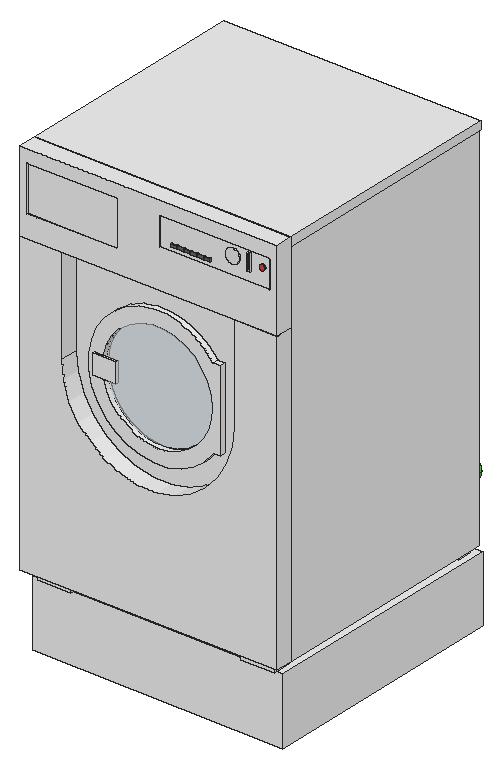
Revit family
Parameters (values of type "Washer_PW_6161_Miele")
  Warranty Duration (Years) = 0
  Voltage_MEP = 230 V
  URL = "http://www.professionallaundry.com/intro/default.asp"
  Specification = "http://www.arcat.com/sdspecs/htm/11110mpp.htm"
  Send Message = "http://www.arcat.com/users.pl?action=UserEmail&company=Miele%20Professional%20Products&coid=46081&rep=121&fax=609-419-4298&mf="
  Sales Information = "http://miele.com/locator/locator_new.asp?nav=800&snav=800&tnav=800&oT=7"
  Revision = "R1_03-2010"
  Product Properties = "http://www.arcat.com/bim/bim_info.pl?fn=Miele"
  Product Data = "http://www.arcat.com/arcatcos/cos46/arc46081.html"
  Model = "PW 6161"
  Manufacturer Website = "http://www.professionallaundry.com/intro/default.asp"
  Manufacturer Phone - Toll Free = "800-843-7231 "
  Manufacturer Phone = "609-419-9898 "
  Manufacturer Fax = "609-419-4298"
  Manufacturer Address = "9 Independence Way, Princeton, NJ 08540"
  Manufacturer = "Miele Professional Products"
  Maintenance Schedule (Months) = 0
  MEP Wattage = Voltage_MEP * MEP Amperage  # 11500 VA
  MEP Amperage = 50 A
  Keynote = "11 23 00"
  Installation-Fabrication = "http://www.professionallaundry.com/model/modelsintro.asp"
  Installation Phase = ""
  HW2 = Connection Dia HW / 2  # 0' - 0 1/4"
  Green Building-LEED = "http://www.arcat.com/green/clients/leed_data_46081.html"
  Expected Lifespan (Years) = 0
  Drawn By = "Robert S. Weygant, CSI, CDT, SCIP"
  Description = "Miele PW6161 Commercial Steam Extractors"
  DWV2 = Connection Dia DWV / 2  # 0' - 1 1/2"
  Copyright = "2010, ARCAT, Inc"
  Construction Details = "http://www.professionallaundry.com/model/modelsintro.asp"
  Connection Dia HW = 0' - 0 1/2"
  Connection Dia Electrical = 0' - 1"
  Connection Dia DWV = 0' - 3"
  Connection Dia CW = 0' - 0 1/2"
  Connect Dpth = -0' - 1"
  Circuits = 3
  Capacity = "36 Lbs"
  CW2 = Connection Dia CW / 2  # 0' - 0 1/4"
  Body Material = Metal - Stainless Steel
  Assembly Code = "E1090320"
Reference planes (in)
  plane 1 "Center (Front/Back)": y = 0
  plane 2: z = 0
  plane 3 "Center (Left/Right)": x = 0
  plane 4 "Connection Plane": y = 16.51806
Forms (in)
  Extrusion 1, solid, material "Electrical"
    sketch origin (6.25, 16.51806, 68.08979) x (-1, 0, 0) y (0, 0, -1)
      loop
        circle (19.22397, 6.9376) r 0.5
    from 0 to -1 <- "Connect Dpth"
  Extrusion 2, solid, material "Pb Sanitary"
    sketch origin (33.654, 16.51806, 24.10991) x (-1, 0, 0) y (0, 0, -1)
      loop
        circle (20.22397, 6.9376) r 1.5
    from 0 to -4.36817
  Extrusion 3, solid, material "Pb Supply Cold"
    sketch origin (16, 16.51806, 68.08979) x (-1, 0, 0) y (0, 0, -1)
      loop
        circle (18.97397, 6.9376) r 0.25
    from 0 to -1 <- "Connect Dpth"
  Extrusion 4, solid, material "Pb Supply Hot"
    sketch origin (24.36413, 16.51806, 68.08979) x (-1, 0, 0) y (0, 0, -1)
      loop
        circle (18.97397, 6.9376) r 0.25
    from 0 to -1 <- "Connect Dpth"
  Extrusion 5, solid, material "Appliance Foot", not visible
    sketch origin (-17.94491, 0, 5.70173) x (1, 0, 0) y (0, 1, 0)
      loop
        circle (4.33957, -18.03075) r 0.81159
    from 0 to 0.32449
  Extrusion 6, solid, material "Appliance Foot", not visible
    sketch origin (-17.94491, 0, 5.70173) x (1, 0, 0) y (0, 1, 0)
      loop
        circle (4.31639, -18.03075) r 0.18544
    from 0.32449 to 1.15889
  Extrusion 7, solid, material "Metal - Stainless Steel" <- "Body Material"
    sketch origin (0, 8.00677, 2.87404) x (1, 0, 0) y (0, 0, 1)
      loop
        line (-16.73434, 7.88043) -> (-16.73434, 6.48977) -> (-12.00607, 6.48977) -> (-11.91336, 6.86061) -> (11.91336, 6.86061) -> (12.00607, 6.48977) -> (16.73434, 6.48977) -> (16.73434, 7.88043) -> (-16.73434, 7.88043)
    from -8.51129 to 25.9772
  Extrusion 8, solid, material "Metal - Stainless Steel" <- "Body Material"
    sketch origin (0, 5.0787, 7.6023) x (1, 0, 0) y (0, 0, 1)
      loop
        line (-18.125, 3.15217) -> (18.125, 3.15217) -> (18.125, 45.45912) -> (12.23785, 45.45912) -> (12.23785, 31.89258)
        arc (12.23785, 31.89258) -> (0, 19.65473) -> (-12.23785, 31.89258) r 12.23785
        line (-12.23785, 31.89258) -> (-12.23785, 45.45912) -> (-18.125, 45.45912) -> (-18.125, 3.15217)
    from 21.89024 to 24.43979
  Extrusion 9, solid, material "Metal - Stainless Steel" <- "Body Material"
    sketch origin (0, 5.0787, 9.87404) x (1, 0, 0) y (0, 0, 1)
      loop
        line (-18.125, 54.65281) -> (-18.125, 43.20301) -> (18.125, 43.20301) -> (18.125, 54.65281) -> (-18.125, 54.65281)
      loop
        line (-17.15153, 52.8288) -> (-17.15153, 46.35518) -> (-4.31106, 46.35518) -> (-4.31106, 52.8288) -> (-17.15153, 52.8288)
      loop
        line (1.57609, 52.8288) -> (1.57609, 48.71931) -> (17.15153, 48.71931) -> (17.15153, 52.8288) -> (1.57609, 52.8288)
    from 21.89024 to 24.43979
  Extrusion 10, solid, material "Metal - Stainless Steel" <- "Body Material"
    sketch origin (0, 8.00677, 56.64642) x (1, 0, 0) y (0, 0, 1)
      loop
        line (-18.125, 7.88043) -> (-18.125, 6.69529) -> (18.125, 6.69529) -> (18.125, 7.88043) -> (-18.125, 7.88043)
    from -8.74307 to 24.81831
  Extrusion 11, solid, material "Metal - Stainless Steel" <- "Body Material"
    sketch origin (0, 8.00677, 48.76598) x (1, 0, 0) y (0, 0, 1)
      loop
        line (-18.125, 14.57573) -> (-18.125, -38.01151) -> (18.125, -38.01151) -> (18.125, 14.57573) -> (-18.125, 14.57573)
    from -8.51129 to 24.81831
  Extrusion 12, solid, material "Metal - Stainless Steel" <- "Body Material"
    sketch origin (0, 5.0787, 7.6023) x (1, 0, 0) y (0, 0, 1)
      loop
        arc (7.8174, 37.73338) -> (-9.74919, 31.78085) -> (7.96514, 26.28357) r 9.75
        line (7.96514, 26.28357) -> (8.8539, 26.28357) -> (8.8539, 37.73338) -> (7.8174, 37.73338)
      loop
        circle (0, 31.90665) r 7.75
    from 21.89024 to 22.74493
  Extrusion 13, solid, material "Metal - Stainless Steel" <- "Body Material"
    sketch origin (0, 5.0787, 7.6023) x (1, 0, 0) y (0, 0, 1)
      loop
        line (-8.8539, 33.28325) -> (-8.8539, 30.53325) -> (-5.6039, 30.53325) -> (-5.6039, 33.28325) -> (-8.8539, 33.28325)
    from 22.74493 to 23.09548
  Extrusion 14, solid, material "Glass - Laundry"
    sketch origin (0, 5.0787, 7.6023) x (1, 0, 0) y (0, 0, 1)
      loop
        circle (0, 31.90665) r 7.75
    from 21.89024 to 22.16783
  Extrusion 15, solid, material "Metal - Stainless Steel" <- "Body Material"
    sketch origin (2.36413, 5.0787, 9.54923) x (1, 0, 0) y (0, 0, 1)
      loop
        line (-0.78804, 53.15361) -> (-0.78804, 49.04412) -> (14.7874, 49.04412) -> (14.7874, 53.15361) -> (-0.78804, 53.15361)
    from 21.89024 to 24.30019
  Extrusion 16, solid, material "Metal - Stainless Steel" <- "Body Material"
    sketch origin (0, 5.0787, 9.54923) x (1, 0, 0) y (0, 0, 1)
      loop
        line (-17.15153, 53.21611) -> (-17.15153, 46.67999) -> (-4.31106, 46.67999) -> (-4.31106, 53.21611) -> (-17.15153, 53.21611)
    from 21.89024 to 24.30019
  Extrusion 17, solid, material "Pb Supply Cold"
    sketch origin (14, 16.51806, 68.08979) x (-1, 0, 0) y (0, 0, -1)
      loop
        circle (18.97397, 6.9376) r 0.25
    from 0 to -1 <- "Connect Dpth"
  Extrusion 18, solid, material "Pb Supply Cold"
    sketch origin (12, 16.51806, 68.08979) x (-1, 0, 0) y (0, 0, -1)
      loop
        circle (18.97397, 6.9376) r 0.25
    from 0 to -1 <- "Connect Dpth"
  Extrusion 19, solid, material "Black"
    sketch origin (2.36413, -19.22149, 9.54923) x (1, 0, 0) y (0, 0, 1)
      loop
        line (0.88075, 50.06394) -> (0.88075, 49.64674) -> (1.6688, 49.64674) -> (1.6688, 50.06394) -> (0.88075, 50.06394)
      loop
        line (1.80786, 50.06394) -> (1.80786, 49.64674) -> (2.64226, 49.64674) -> (2.64226, 50.06394) -> (1.80786, 50.06394)
      loop
        line (2.78133, 50.06394) -> (2.78133, 49.64674) -> (3.56937, 49.64674) -> (3.56937, 50.06394) -> (2.78133, 50.06394)
      loop
        line (3.70844, 50.06394) -> (3.70844, 49.64674) -> (4.49648, 49.64674) -> (4.49648, 50.06394) -> (3.70844, 50.06394)
      loop
        line (4.68191, 50.06394) -> (4.68191, 49.64674) -> (5.46995, 49.64674) -> (5.46995, 50.06394) -> (4.68191, 50.06394)
      loop
        line (5.60902, 50.06394) -> (5.60902, 49.64674) -> (6.39706, 49.64674) -> (6.39706, 50.06394) -> (5.60902, 50.06394)
    from 0 to 0.125
  Extrusion 20, solid, material "White"
    sketch origin (6.40217, -19.22149, 9.88052) x (1, 0, 0) y (0, 0, 1)
      loop
        circle (5.51119, 51.18949) r 1
    from 0 to 0.125
  Extrusion 21, solid, material "White"
    sketch origin (8.67361, -19.22149, 9.88052) x (1, 0, 0) y (0, 0, 1)
      loop
        line (5.32575, 52.37491) -> (5.32575, 50.01078) -> (5.6966, 50.01078) -> (5.6966, 52.37491) -> (5.32575, 52.37491)
      loop
        line (5.46482, 52.23439) -> (5.46482, 50.14955) -> (5.55753, 50.14955) -> (5.55753, 52.23439) -> (5.46482, 52.23439)
    from 0 to 0.125
  Extrusion 22, solid, material "Red"
    sketch origin (10.62315, -19.22149, 9.88052) x (1, 0, 0) y (0, 0, 1)
      loop
        circle (5.51119, 51.18949) r 0.36667
    from 0 to 0.125
  Extrusion 23, void
    sketch origin (0, 0, 0) x (0, 1, 0) y (0, 0, 1)
      loop
        line (-15.42088, 9.73465) -> (-15.42088, 9.36381) -> (14.57113, 9.36381) -> (14.57113, 9.73465) -> (-15.42088, 9.73465)
    from -19.04505 to 24.16406
Cuts and joins
  Extrusion 23 cuts Extrusion 7
Lines and regions (in)
  Split face 1
    outline origin (2.36413, -19.22149, 9.54923) x (1, 0, 0) y (0, 0, 1)
      loop
        line (0.37084, 52.61349) -> (0.37084, 50.43478) -> (9.54923, 50.43478)
        arc (9.54923, 50.43478) -> (10.63859, 51.52414) -> (9.54923, 52.61349) r 1.08935
        line (9.54923, 52.61349) -> (0.37084, 52.61349)
  Split face 2
    outline origin (2.36413, -19.22149, 9.54923) x (1, 0, 0) y (0, 0, 1)
      loop
        circle (13.77021, 51.52078) r 0.48943
  symbolic lines, style "MechanicalEquipmentHiddenLines"
    curve 1: line (19.88978, -31.53546, 0) -> (7.70081, -19.34649, 0)
    curve 2: line (20.58184, -30.80015, 0) -> (9.14279, -19.36109, 0)
    curve 3: line (19.88978, -31.53546, 0) -> (20.58184, -30.80015, 0)
    curve 4: arc (0, -19.36488, 45.62284) -> (0, -36.71339, 39.50738) -> (0, -19.35733, 33.41338) r 9.75
    curve 5: arc (0, -19.35394, 41.05755) -> (0, -34.72793, 39.49908) -> (0, -19.34829, 37.99737) r 7.76455
    curve 6: circle (0, -26.9634, 39.51341) r 7.25 normal (1, 0, 0)
    curve 7: line (0, -35.12196, 60.16944) -> (0, -35.12196, 56.461)
    curve 8: line (0, -35.12196, 56.461) -> (0, -33.91672, 56.461)
    curve 9: line (0, -33.91672, 56.461) -> (0, -33.91672, 59.47303)
    curve 10: line (0, -33.10854, 59.37905) -> (0, -35.12196, 59.61317)
    curve 11: line (0, -19.36109, 60.16944) -> (0, -35.12196, 60.16944)
    curve 12: line (0, -32.34063, 56.461) -> (0, -33.10854, 59.37905)
    curve 13: line (0, -19.36109, 56.461) -> (0, -32.34063, 56.461)
    curve 14: arc (19.88978, -31.53546, 0) -> (1.48441, -34.32644, 0) -> (-9.58743, -19.36109, 0) r 18.03887
Dimensions and locks (in)
  "Connection Dia Electrical": Extrusion 1 sketch curve to Extrusion 1 sketch curve
  "Connection Dia DWV": Extrusion 2 sketch curve to Extrusion 2 sketch curve
  "Connection Dia CW": Extrusion 3 sketch curve to Extrusion 3 sketch curve
  "Connection Dia HW": Extrusion 4 sketch curve to Extrusion 4 sketch curve
  "Connection Dia CW": Extrusion 17 sketch curve to Extrusion 17 sketch curve
  "Connection Dia CW": Extrusion 18 sketch curve to Extrusion 18 sketch curve
  Extrusion 8 to Extrusion 2 = 3' - 4.24733"
  aligned and locked: Extrusion 1 to Extrusion 3
  aligned and locked: Extrusion 1 to Extrusion 4
Automatic sketch dimensions
  Extrusion 1 sketch curve to plane 3 "Center (Left/Right)" = 1' - 0.47397"
  Extrusion 2 sketch curve to Extrusion 2 sketch curve = 0' - 0"  (x2)
  plane 3 "Center (Left/Right)" to Extrusion 2 sketch curve = 1' - 2.93003"
  level to Extrusion 2 sketch curve = 1' - 5.17231"
  Extrusion 3 sketch curve to plane 3 "Center (Left/Right)" = 0' - 2.72397"
  plane 3 "Center (Left/Right)" to Extrusion 4 sketch curve = 0' - 5.64016"
  Extrusion 8 sketch curve to plane 3 "Center (Left/Right)" = 0' - 0"
  Extrusion 8 sketch curve to Extrusion 8 sketch curve = 1' - 0.23785"
  level to Extrusion 8 sketch curve = 0' - 10.75448"
  Extrusion 8 sketch curve to plane 3 "Center (Left/Right)" = 1' - 6 1/8"
  plane 3 "Center (Left/Right)" to Extrusion 8 sketch curve = 1' - 6 1/8"
  Extrusion 9 sketch curve to plane 3 "Center (Left/Right)" = 1' - 6 1/8"
  Extrusion 9 sketch curve to Extrusion 9 sketch curve = 0' - 0.97347"  (x2)
  Extrusion 9 sketch curve to plane 3 "Center (Left/Right)" = 0' - 4.31106"
  plane 3 "Center (Left/Right)" to Extrusion 9 sketch curve = 0' - 1.57609"
  plane 3 "Center (Left/Right)" to Extrusion 9 sketch curve = 1' - 5.15153"
  Extrusion 9 sketch curve to Extrusion 9 sketch curve = 0' - 4.10949"
  Extrusion 9 sketch curve to Extrusion 9 sketch curve = 0' - 3.15217"
  Extrusion 9 sketch curve to Extrusion 9 sketch curve = 0' - 0"
  Extrusion 10 sketch curve to plane 3 "Center (Left/Right)" = 1' - 6 1/8"
  plane 3 "Center (Left/Right)" to Extrusion 10 sketch curve = 1' - 6 1/8"
  level to Extrusion 11 sketch curve = 0' - 10.75448"
  Extrusion 11 sketch curve to plane 3 "Center (Left/Right)" = 1' - 6 1/8"
  plane 3 "Center (Left/Right)" to Extrusion 11 sketch curve = 1' - 6 1/8"
  Extrusion 12 sketch curve to Extrusion 12 sketch curve = 0' - 0"  (x2)
  Extrusion 12 sketch curve to plane 3 "Center (Left/Right)" = 0' - 0"
  plane 3 "Center (Left/Right)" to Extrusion 12 sketch curve = 0' - 7.8174"
  plane 3 "Center (Left/Right)" to Extrusion 12 sketch curve = 0' - 7.96514"
  Extrusion 12 sketch curve to Extrusion 12 sketch curve = 0' - 0.88876"
  level to Extrusion 12 sketch curve = 2' - 9.88587"
  Extrusion 12 sketch curve to Extrusion 12 sketch curve = 0' - 5.62308"
  Extrusion 13 sketch curve to plane 3 "Center (Left/Right)" = 0' - 8.8539"
  Extrusion 13 sketch curve to Extrusion 13 sketch curve = 0' - 3 1/4"
  Extrusion 13 sketch curve to Extrusion 13 sketch curve = 0' - 2 3/4"
  Extrusion 14 sketch curve to plane 3 "Center (Left/Right)" = 0' - 0"
  plane 3 "Center (Left/Right)" to Extrusion 15 sketch curve = 0' - 1.57609"
  plane 3 "Center (Left/Right)" to Extrusion 15 sketch curve = 1' - 5.15153"
  Extrusion 16 sketch curve to plane 3 "Center (Left/Right)" = 1' - 5.15153"
  Extrusion 16 sketch curve to plane 3 "Center (Left/Right)" = 0' - 4.31106"
  Extrusion 17 sketch curve to plane 3 "Center (Left/Right)" = 0' - 4.72397"
  Extrusion 18 sketch curve to plane 3 "Center (Left/Right)" = 0' - 6.72397"
  Extrusion 19 sketch curve to Extrusion 15 = 0' - 0.60262"  (x2)
  Extrusion 19 sketch curve to Extrusion 15 = 0' - 1.6688"
  Extrusion 19 sketch curve to Extrusion 19 sketch curve = 0' - 0.78804"  (x5)
  Extrusion 19 sketch curve to Extrusion 19 sketch curve = 0' - 0.13907"  (x4)
  Extrusion 19 sketch curve to Extrusion 19 sketch curve = 0' - 0.8344"
  Extrusion 19 sketch curve to Extrusion 19 sketch curve = 0' - 0.18542"
  Extrusion 19 sketch curve to Extrusion 19 sketch curve = 0' - 0"  (x8)
  Extrusion 19 sketch curve to Extrusion 19 sketch curve = 0' - 0.4172"  (x2)
  Split face 1 sketch curve to Extrusion 15 = 0' - 1.15889"
  Split face 1 sketch curve to Extrusion 15 = 0' - 1.39066"
  Split face 1 sketch curve to Extrusion 15 = 0' - 5.23817"
  Split face 1 sketch curve to Split face 1 sketch curve = 0' - 1.08935"
  Extrusion 20 sketch curve to Extrusion 15 = 0' - 1 81/128"
  Extrusion 20 sketch curve to Extrusion 15 = 0' - 5.23817"
  Extrusion 21 sketch curve to Extrusion 15 = 0' - 1.29795"
  Extrusion 21 sketch curve to Extrusion 15 = 0' - 3.15217"
  Extrusion 21 sketch curve to Extrusion 21 sketch curve = 0' - 0.13907"  (x2)
  Extrusion 21 sketch curve to Extrusion 21 sketch curve = 0' - 0.09271"
  Extrusion 21 sketch curve to Extrusion 21 sketch curve = 0' - 0.13877"
  Extrusion 21 sketch curve to Extrusion 15 = 0' - 0.58793"
  Extrusion 21 sketch curve to Extrusion 21 sketch curve = 0' - 0.14052"
  Extrusion 22 sketch curve to Extrusion 15 = 0' - 1.0172"
  Extrusion 22 sketch curve to Extrusion 15 = 0' - 1 81/128"
  Split face 2 sketch curve to Extrusion 15 = 0' - 1.0172"
  Split face 2 sketch curve to Extrusion 15 = 0' - 1 81/128"
  Extrusion 7 sketch curve to plane 3 "Center (Left/Right)" = 1' - 4.73434"
  Extrusion 7 sketch curve to Extrusion 7 sketch curve = 0' - 4.72826"
  Extrusion 7 sketch curve to Extrusion 7 sketch curve = 0' - 0.09271"  (x2)
  plane 3 "Center (Left/Right)" to Extrusion 7 sketch curve = 0' - 11.91336"
  Extrusion 7 sketch curve to Extrusion 7 sketch curve = 0' - 4.82097"
  level to Extrusion 7 sketch curve = 0' - 9.36381"  (x2)
  Extrusion 7 sketch curve to Extrusion 7 sketch curve = 0' - 0.37084"
  Extrusion 7 sketch curve to Extrusion 7 sketch curve = 0' - 1.39066"
  Extrusion 1 sketch curve to Extrusion 1 sketch curve = 0' - 0"
  level to Extrusion 1 sketch curve = 5' - 1.15219"
  Extrusion 3 sketch curve to Extrusion 3 sketch curve = 0' - 0"
  level to Extrusion 3 sketch curve = 5' - 1.15219"
  Extrusion 4 sketch curve to Extrusion 4 sketch curve = 0' - 0"
  level to Extrusion 4 sketch curve = 5' - 1.15219"
  Extrusion 8 sketch curve to Extrusion 8 sketch curve = 2' - 4.74041"
  Extrusion 8 sketch curve to Extrusion 8 sketch curve = 1' - 1.56654"  (x2)
  level to Extrusion 9 sketch curve = 4' - 5.07705"
  Extrusion 9 sketch curve to Extrusion 9 sketch curve = 0' - 2.36413"
  Extrusion 9 sketch curve to Extrusion 9 sketch curve = 0' - 1.82401"
  level to Extrusion 10 sketch curve = 5' - 3.34171"
  Extrusion 10 sketch curve to Extrusion 10 sketch curve = 0' - 1.18514"
  Extrusion 11 sketch curve to Extrusion 11 sketch curve = 4' - 4.58724"
  level to Extrusion 13 sketch curve = 3' - 2.13555"
  level to Extrusion 14 sketch curve = 3' - 3.50895"
  level to Extrusion 15 sketch curve = 4' - 10.59335"
  Extrusion 15 sketch curve to Extrusion 15 sketch curve = 0' - 4.10949"
  level to Extrusion 16 sketch curve = 4' - 8.22922"
  Extrusion 16 sketch curve to Extrusion 16 sketch curve = 0' - 6.53613"
  Extrusion 17 sketch curve to Extrusion 17 sketch curve = 0' - 0"
  level to Extrusion 17 sketch curve = 5' - 1.15219"
  Extrusion 18 sketch curve to Extrusion 18 sketch curve = 0' - 0"
  level to Extrusion 18 sketch curve = 5' - 1.15219"
  curve 4 to curve 5 = 0' - 0"  (x2)
  curve 4 to curve 6 = 0' - 0"  (x2)
  curve 5 to curve 6 = 0' - 0"  (x2)
  plane 1 "Center (Front/Back)" to curve 8 = 2' - 11.12196"
  curve 7 to curve 8 = 0' - 1.20524"
  curve 9 to curve 12 = 0' - 0.80818"
  curve 8 to curve 13 = 0' - 1.57609"
  curve 12 to curve 6 = 0' - 5.37724"
  curve 4 to curve 4 = 0' - 7.59851"
  curve 12 to curve 11 = 1' - 0.97954"
  curve 13 to curve 11 = 0' - 0"
  curve 4 to curve 4 = 0' - 7.60606"
  curve 4 to curve 5 = 0' - 0.01094"
  curve 5 to curve 5 = 0' - 0.00565"
  level to curve 4 = 2' - 9.41338"
  curve 4 to curve 5 = 0' - 4.58399"
  curve 5 to curve 5 = 0' - 1.51604"
  curve 4 to curve 13 = 0' - 10.83816"
  curve 7 to curve 12 = 0' - 0"
  curve 12 to curve 12 = 0' - 2.91806"
  curve 10 to curve 9 = 0' - 0.09397"
  curve 10 to curve 7 = 0' - 0.55627"
  plane 1 "Center (Front/Back)" to Extrusion 23 sketch curve = 1' - 3.42088"
  plane 4 "Connection Plane" to Extrusion 23 sketch curve = 0' - 1.94693"
  level to Extrusion 23 sketch curve = 0' - 9.36381"
  Extrusion 23 sketch curve to Extrusion 23 sketch curve = 0' - 0.37084"
  curve 14 to plane 3 "Center (Left/Right)" = 0' - 9.58743"
  plane 3 "Center (Left/Right)" to curve 1 = 0' - 7.70081"
  curve 1 to curve 14 = 0' - 0.66964"
  curve 1 to curve 2 = 0' - 1.44198"
  curve 2 to curve 3 = 0' - 10.74699"
  curve 1 to curve 2 = 0' - 0.69206"
  plane 1 "Center (Front/Back)" to curve 1 = 2' - 7.53546"
  curve 1 to curve 2 = 0' - 0.73531"
  plane 1 "Center (Front/Back)" to curve 14 = 1' - 7.36109"
  curve 2 to curve 14 = 0' - 1.70749"
  curve 2 to curve 1 = 0' - 0.01461"
  radius of Extrusion 5 sketch curve = 0' - 0.81159"
  radius of Extrusion 6 sketch curve = 0' - 0.18544"
  radius of Extrusion 12 sketch curve = 0' - 7 3/4"
  radius of Extrusion 14 sketch curve = 0' - 7 3/4"
  radius of Extrusion 20 sketch curve = 0' - 1"
  radius of Extrusion 22 sketch curve = 0' - 0.36667"
  radius of Split face 2 sketch curve = 0' - 0.48943"
  radius of curve 6 = 0' - 7 1/4"
Nested families (in)
  nested 1: "UG_6013_Base_Miele" at (0, -0.04865, 0), type "ByType"
Connectors (in)
  electrical at (-12.97397, 17.51806, 61.15219), driven by "Voltage_MEP", driven by "MEP Wattage"
    settings: on Extrusion 1, index 1
  piping at (5.39016, 17.51806, 61.15219), driven by "HW2"
    settings: on Extrusion 4, index 2
  piping at (-2.97397, 17.51806, 61.15219), driven by "CW2"
    settings: on Extrusion 3, index 3
  piping at (13.43003, 20.88623, 17.17231), driven by "DWV2"
    settings: on Extrusion 2, index 5
  piping at (-4.97397, 17.51806, 61.15219), driven by "CW2"
    settings: on Extrusion 17, index 6
  piping at (-6.97397, 17.51806, 61.15219), driven by "CW2"
    settings: on Extrusion 18, index 7
Definition of nested family "UG_6013_Base_Miele"
  Parameters (values of type "ByType")
    Width = 2' - 11.38"
    Warranty Duration (Years) = 0
    URL = "http://www.professionallaundry.com/intro/default.asp"
    Specification = "http://www.arcat.com/sdspecs/htm/11110mpp.htm"
    Send Message = "http://www.arcat.com/users.pl?action=UserEmail&company=Miele%20Professional%20Products&coid=46081&rep=121&fax=609-419-4298&mf="
    Sales Information = "http://miele.com/locator/locator_new.asp?nav=800&snav=800&tnav=800&oT=7"
    Revision = "R1_03-2010"
    Product Properties = "http://www.arcat.com/bim/bim_info.pl?fn=Miele"
    Product Data = "http://www.arcat.com/arcatcos/cos46/arc46081.html"
    Model = "UG 6013"
    Material = Metal - Stainless Steel
    Manufacturer Website = "http://www.professionallaundry.com/intro/default.asp"
    Manufacturer Phone - Toll Free = "800-843-7231 "
    Manufacturer Phone = "609-419-9898 "
    Manufacturer Fax = "609-419-4298"
    Manufacturer Address = "9 Independence Way, Princeton, NJ 08540"
    Manufacturer = "Miele Professional Products"
    Maintenance Schedule (Months) = 0
    Length = 2' - 11.38"
    Keynote = "11 23 00"
    Installation-Fabrication = "http://www.professionallaundry.com/model/modelsintro.asp"
    Installation Phase = ""
    Height = 0' - 9.38"
    Green Building-LEED = "http://www.arcat.com/green/clients/leed_data_46081.html"
    Expected Lifespan (Years) = 0
    Drawn By = "Robert S. Weygant, CSI, CDT, SCIP"
    Description = "Miele UG 6013 Base"
    Copyright = "2010, ARCAT, Inc"
    Construction Details = "http://www.professionallaundry.com/model/modelsintro.asp"
    Assembly Code = "E1090320"
  Reference planes (in)
    plane 1 "Center (Front/Back)": y = 0
    plane 2: z = 0
    plane 3 "Center (Left/Right)": x = 0
    plane 4: y = 17.69
    plane 5: x = 17.69
    plane 6: x = -17.69
    plane 7: y = -17.69
    plane 8: z = 9.38
  Forms (in)
    Extrusion 1, solid, material "Metal - Stainless Steel" <- "Material"
      sketch origin (0, 7.28826, 0) x (1, 0, 0) y (0, 0, 1)
        loop
          line (-17.69, 9.38) -> (-17.69, 0) -> (17.69, 0) -> (17.69, 9.38) -> (-17.69, 9.38)
      from -10.40174 to 24.97826
  Dimensions and locks (in)
    equal spacing: plane 6, plane 3 "Center (Left/Right)", plane 5
    "Width": plane 6 to plane 5
    equal spacing: plane 4, plane 1 "Center (Front/Back)", plane 7
    "Length": plane 4 to plane 7
    "Height": plane 8 to level
    aligned and locked: plane 8 to Extrusion 1
    aligned and locked: Extrusion 1 to plane 6
    aligned and locked: Extrusion 1 to plane 5
    aligned and locked: plane 4 to Extrusion 1
    aligned and locked: Extrusion 1 to plane 7
  Automatic sketch dimensions
    Extrusion 1 sketch curve to level = 0' - 0"
    Extrusion 1 sketch curve to plane 5 = 0' - 0"
    plane 6 to Extrusion 1 sketch curve = 0' - 0"
    level to Extrusion 1 sketch curve = 0' - 9.38"
